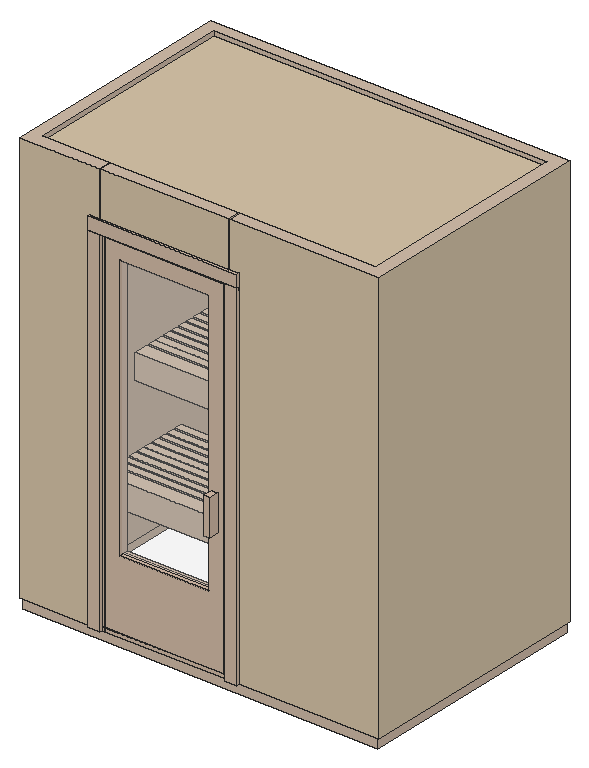
Revit family "Sauna-Room_Prefab_Finlandia_FPF-46", category Specialty Equipment, Revit 2026
Family settings
  Round Connector Dimension = Use Diameter
  Part Type = Normal
  Classification Number = 23.40.50.34.37
  Work Plane-Based = Yes
  Enable Cutting in Views = No
  Always vertical = No
  Cut with Voids When Loaded = No
  Maintain Annotation Orientation = No
  Shared = No
  Room Calculation Point = No
Parameters (values of type "Indoor Reversed as Specified")
  Warranty Duration (Years) = 0
  Wall Thickness = 0' - 2 1/2"
  Unit Width = 6' - 0"
  Unit Height = 7' - 1"
  Unit Depth = 4' - 0"
  URL = "http://www.finlandiasauna.com/index.html"
  Structural Frame Material [instance] = Wood - Red Cedar - Finlandia - Finish as Specified
  Standard = not(Reversed)  # no
  Specification = "http://www.arcat.com/sdspecs/htm/13052fin.htm"
  SpecWizard = ""
  Send Message = "http://www.arcat.com/users.pl?action=UserEmail&amp;company=Finlandia+Sauna+Products,+Inc.&amp;coid=32492&amp;rep=133&amp;fax=503-684-1120&amp;mf=95"
  Sales Information = "http://www.finlandiasauna.com/sauna-contactus.html"
  Revision = "R1_2014-07"
  Reversed = yes
  Product Properties = ""
  Product Data = "http://www.arcat.com/arcatcos/cos9532/arc32492.html"
  Model = "FPF 46"
  Manufacturer Website = "http://www.finlandiasauna.com/index.html"
  Manufacturer Phone - Toll Free = "800-354-3342"
  Manufacturer Phone = "503-684-8289"
  Manufacturer Fax = "503-684-1120"
  Manufacturer Address = "14010-B S.W. 72nd Ave.  Portland, OR 97224-0088"
  Manufacturer = "Finlandia Sauna Products, Inc."
  Maintenance Schedule (Months) = 0
  Keynote = "13052"
  Interior Finish [instance] = Wood - TnG - Finlandia - Red Cedar as Specified
  Installation-Fabrication = ""
  Installation Phase = ""
  Heater Type [instance] = SaunaHeater : FIN 3 kW
  Green Building-LEED = "http://www.arcat.com/green/clients95/leed_data_32492.html"
  Exterior Finish [instance] = Wood - Mahogany - Finlandia - Finish as Specified
  Exposed Base [instance] = 0' - 2"
  Expected Lifespan (Years) = 0
  Drawn By = "Sumex Design, Inc. / Robert S. Weygant, CSI, CDT, SCIP"
  DoorOffset = if(Reversed, Unit Width - 1' 4" - Door RO Width, 1' 4")  # 2' - 6"
  Door Slab Finish [instance] = Wood - Douglas Fir - Finlandia - Finish as Specified
  Door RO Width = 2' - 2"
  Door RO Height [instance] = 6' - 0"
  Door Glazing Tint [instance] = Glazing - Finlandia - Clear
  Door Frame Finish [instance] = Wood - Douglas Fir - Finlandia - Finish as Specified
  Description = "Finlandia Prefab Modular Sauna Room - FPF 46 as Specified"
  Default Elevation = 0' - 0"
  Copyright = "©Arcat Inc."
  Construction Details = "http://www.arcat.com/details/finsauna/95finsauna.html?coid=32492"
  Capacity = "2 to 3 People"
  Bench Slat Material [instance] = Wood - Red Cedar - Finlandia - Finish as Specified
  Assembly Code = "F1010300"
Types (2): name | Standard | Reversed | DoorOffset
  Indoor Reversed as Specified | no | yes | 2' - 6"
  Indoor Standard as Specified | yes | no | 1' - 4"
Reference planes (in)
  plane 1 "Center (Front/Back)": y = 0
  plane 2 "Bottom": z = 0
  plane 3 "Center (Left/Right)": x = 0
  plane 4 "Front": y = -24
  plane 5 "Back": y = 24
  plane 6 "Left": x = -36
  plane 7 "Right": x = 36
  plane 8 "Top": z = 85
  plane 9: x = -33.5
  plane 10: x = 33.5
  plane 11: y = 21.5
  plane 12: y = -21.5
  plane 13: z = 2
  plane 14: x = -20
  plane 15: x = 6
  plane 16: z = 74
Forms (in)
  Extrusion 1, solid, material "Wood - Red Cedar - Finlandia - Finish as Specified" <- "Structural Frame Material"
    sketch origin (0, 0, 0) x (1, 0, 0) y (0, 1, 0)
      loop
        line (-35.65625, 23.65625) -> (-35.65625, -23.65625) -> (35.65625, -23.65625) -> (35.65625, 23.65625) -> (-35.65625, 23.65625)
      loop
        line (-34.15625, 22.15625) -> (-34.15625, -22.15625) -> (34.15625, -22.15625) -> (34.15625, 22.15625) -> (-34.15625, 22.15625)
    from 0 to 2
  Extrusion 2, solid, material "Wood - Red Cedar - Finlandia - Finish as Specified" <- "Structural Frame Material"
    sketch origin (0, 0, 0) x (1, 0, 0) y (0, 1, 0)
      loop
        line (-33.5, -21.5) -> (-33.5, 21.5) -> (33.5, 21.5) -> (33.5, -21.5) -> (6, -21.5) -> (6, -24) -> (36, -24) -> (36, 24) -> (-36, 24) -> (-36, -24) -> (-20, -24) -> (-20, -21.5) -> (-33.5, -21.5)
    from 2 to 85
  Sweep 3, solid, material "Wood - Red Cedar - Finlandia - Finish as Specified" <- "Bench Slat Material"
    path origin (-77.70319, 6.79815, 0) x (-1, 0, 0) y (0, 1, 0)
      loop
        line (-111.20319, 14.70185) -> (-44.20319, 14.70185)
    profile "Bench : Bench" origin (0, 21.5, 0) x (0, -1, 0) y (0, 0, 1)
      loop
        line (0, 31.5) -> (18.5, 31.5) -> (18.5, 31) -> (20, 31) -> (20, 36) -> (17, 36) -> (17, 34.5) -> (16.625, 34.5) -> (16.625, 36) -> (15.125, 36) -> (15.125, 34.5) -> (14.75, 34.5) -> (14.75, 36) -> (13.25, 36) -> (13.25, 34.5) -> (12.875, 34.5) -> (12.875, 36) -> (11.375, 36) -> (11.375, 34.5) -> (11, 34.5) -> (11, 36) -> (9.5, 36) -> (9.5, 34.5) -> (9.125, 34.5) -> (9.125, 36) -> (7.625, 36) -> (7.625, 34.5) -> (7.25, 34.5) -> (7.25, 36) -> (5.75, 36) -> (5.75, 34.5) -> (5.375, 34.5) -> (5.375, 36) -> (3.875, 36) -> (3.875, 34.5) -> (3.5, 34.5) -> (3.5, 36) -> (2, 36) -> (2, 34.5) -> (1.625, 34.5) -> (1.625, 36) -> (0, 36) -> (0, 31.5)
  Sweep 4, solid, material "Wood - Red Cedar - Finlandia - Finish as Specified" <- "Bench Slat Material"
    path origin (-77.70319, -13.20185, 0) x (-1, 0, 0) y (0, 1, 0)
      loop
        line (-111.20319, 24.70185) -> (-44.20319, 24.70185)
    profile "Bench : Bench" origin (0, 11.5, 0) x (0, -1, 0) y (0, 0, 1)
      loop
        line (-1.5, 13.5) -> (17, 13.5) -> (17, 13) -> (18.5, 13) -> (18.5, 18) -> (15.5, 18) -> (15.5, 16.5) -> (15.125, 16.5) -> (15.125, 18) -> (13.625, 18) -> (13.625, 16.5) -> (13.25, 16.5) -> (13.25, 18) -> (11.75, 18) -> (11.75, 16.5) -> (11.375, 16.5) -> (11.375, 18) -> (9.875, 18) -> (9.875, 16.5) -> (9.5, 16.5) -> (9.5, 18) -> (8, 18) -> (8, 16.5) -> (7.625, 16.5) -> (7.625, 18) -> (6.125, 18) -> (6.125, 16.5) -> (5.75, 16.5) -> (5.75, 18) -> (4.25, 18) -> (4.25, 16.5) -> (3.875, 16.5) -> (3.875, 18) -> (2.375, 18) -> (2.375, 16.5) -> (2, 16.5) -> (2, 18) -> (0.5, 18) -> (0.5, 16.5) -> (0.125, 16.5) -> (0.125, 18) -> (-1.5, 18) -> (-1.5, 13.5)
  Extrusion 5, solid, material "Wood - Red Cedar - Finlandia - Finish as Specified" <- "Structural Frame Material"
    sketch origin (-43.59721, -180, 85) x (-1, 0, 0) y (0, -1, 0)
      loop
        line (-23.59721, -158.5) -> (-23.59721, -156) -> (-49.59721, -156) -> (-49.59721, -158.5) -> (-23.59721, -158.5)
    from 0 to -11
  Extrusion 6, solid, material "Wood - Mahogany - Finlandia - Finish as Specified" <- "Exterior Finish"
    sketch origin (-43.59721, -180, 85) x (-1, 0, 0) y (0, -1, 0)
      loop
        line (-10.09721, -201.5) -> (-10.09721, -158.5) -> (-77.09721, -158.5) -> (-77.09721, -201.5) -> (-10.09721, -201.5)
    from -3.875 to -0.75
  Extrusion 7, solid, material "Wood - Red Cedar - Finlandia - Finish as Specified" <- "Bench Slat Material", visible <- "Standard"
    sketch origin (0, 0, 0) x (1, 0, 0) y (0, 1, 0)
      loop
        line (-10, -21.5) -> (-8.5, -21.5) -> (-8.5, -7.5) -> (-33.5, -7.5) -> (-33.5, -9) -> (-10, -9) -> (-10, -21.5)
    from 0 to 31.5
  Extrusion 8, solid, material "Wood - Red Cedar - Finlandia - Finish as Specified" <- "Bench Slat Material", visible <- "Reversed"
    sketch origin (0, 0, 0) x (-1, 0, 0) y (0, -1, 0)
      loop
        line (-10, 21.5) -> (-10, 9) -> (-33.5, 9) -> (-33.5, 7.5) -> (-8.5, 7.5) -> (-8.5, 21.5) -> (-10, 21.5)
    from 0 to 31.5
Dimensions and locks (in)
  equal spacing: plane 6 "Left", plane 3 "Center (Left/Right)", plane 7 "Right"
  "Unit Width": plane 6 "Left" to plane 7 "Right"
  equal spacing: plane 5 "Back", plane 1 "Center (Front/Back)", plane 4 "Front"
  "Unit Depth": plane 5 "Back" to plane 4 "Front"
  "Unit Height": plane 8 "Top" to level
  "Wall Thickness": plane 5 "Back" to plane 11
  "Wall Thickness": plane 12 to plane 4 "Front"
  "Wall Thickness": plane 6 "Left" to plane 9
  "Wall Thickness": plane 10 to plane 7 "Right"
  "Exposed Base": plane 13 to level
  plane 6 "Left" to Extrusion 1 sketch curve to Extrusion 1 sketch curve = 0' - 0 11/32" locked, 0' - 1 1/2" locked
  Extrusion 1 sketch curve to Extrusion 1 sketch curve to plane 7 "Right" = 0' - 1 1/2" locked, 0' - 0 11/32" locked
  plane 5 "Back" to Extrusion 1 sketch curve to Extrusion 1 sketch curve = 0' - 0 11/32" locked, 0' - 1 1/2" locked
  Extrusion 1 sketch curve to Extrusion 1 sketch curve to plane 4 "Front" = 0' - 1 1/2" locked, 0' - 0 11/32" locked
  "Door RO Width": plane 14 to plane 15
  "DoorOffset": plane 15 to plane 7 "Right"
  locked: plane 11 to Sweep 4 sketch curve at 10
  plane 9 to Sweep 4 sketch curve = 0' - 0"
  Sweep 4 sketch curve to plane 10 = 0' - 0"
  Sweep 3 sketch curve to plane 10 = 0' - 0"
  plane 9 to Sweep 3 sketch curve = 0' - 0"
  "Door RO Height": plane 16 to plane 13
  locked: nested 2 to plane 12 at 1
  locked: plane 9 to nested 2 at 1
  locked: nested 3 to plane 10 at 1
  locked: nested 3 to plane 12 at 1
  plane 9 to Extrusion 7 sketch curve to Extrusion 7 sketch curve = 1' - 11 1/2" locked, 0' - 1 1/2" locked
  Extrusion 8 sketch curve to Extrusion 8 sketch curve to plane 10 = 0' - 1 1/2" locked, 1' - 11 1/2" locked
  aligned: Extrusion 1 to plane 13
  aligned and locked: Extrusion 2 sketch curve to plane 9
  aligned and locked: Extrusion 2 sketch curve to plane 11
  aligned and locked: Extrusion 2 sketch curve to plane 10
  aligned and locked: Extrusion 2 sketch curve to plane 12
  aligned and locked: Extrusion 2 to plane 13
  aligned and locked: Extrusion 1 to plane 13
  aligned and locked: Extrusion 2 sketch curve to plane 4 "Front"
  aligned and locked: Extrusion 2 sketch curve to plane 7 "Right"
  aligned and locked: Extrusion 2 sketch curve to plane 5 "Back"
  aligned and locked: Extrusion 2 sketch curve to plane 6 "Left"
  aligned and locked: plane 8 "Top" to Extrusion 2
  aligned and locked: Sweep 3 sketch curve to plane 11
  aligned and locked: plane 15 to nested 1
  aligned and locked: nested 1 to plane 12
  aligned and locked: plane 14 to Extrusion 2 sketch curve
  aligned and locked: plane 15 to Extrusion 2 sketch curve
  aligned and locked: Extrusion 5 sketch curve to plane 15
  aligned and locked: plane 14 to Extrusion 5 sketch curve
  aligned and locked: Extrusion 5 sketch curve to plane 12
  aligned and locked: plane 4 "Front" to Extrusion 5 sketch curve
  aligned and locked: Extrusion 5 to plane 16
  aligned and locked: Extrusion 6 sketch curve to plane 10
  aligned and locked: Extrusion 6 sketch curve to plane 11
  aligned and locked: Extrusion 6 sketch curve to plane 9
  aligned and locked: Extrusion 6 sketch curve to plane 12
  aligned and locked: Extrusion 8 sketch curve to plane 10
  aligned and locked: Extrusion 7 sketch curve to plane 9
Automatic sketch dimensions
  Extrusion 2 sketch curve to plane 4 "Front" = 0' - 0"
  plane 12 to Extrusion 2 sketch curve = 0' - 0"
  Extrusion 8 sketch curve to plane 12 = 0' - 0"
  Extrusion 8 sketch curve to plane 1 "Center (Front/Back)" = 0' - 9"
  Extrusion 8 sketch curve to Extrusion 8 sketch curve = 0' - 1 1/2"
  Extrusion 7 sketch curve to plane 12 = 0' - 0"
  plane 1 "Center (Front/Back)" to Extrusion 7 sketch curve = 0' - 9"
  Extrusion 7 sketch curve to Extrusion 7 sketch curve = 0' - 1 1/2"
Nested families (in)
  nested 1: "Door" at (-7, -22.75, 2), Swing Right <- "Standard", Swing Left <- "Reversed", frame finish <- "Door Frame Finish", glazing <- "Door Glazing Tint", door finish <- "Door Slab Finish", Wall Thickness <- "Wall Thickness", Rough Width <- "Door RO Width", Rough Height <- "Door RO Height", type "Standard"
    with glazing Glazing - Finlandia - Clear, frame finish Wood - Douglas Fir - Finlandia - Finish as Specified, door finish Wood - Douglas Fir - Finlandia - Finish as Specified, built-in parameter 1001301 2' - 0", Wall Thickness 0' - 2 1/2", Swing Right no, Swing Left yes, built-in parameter 1001305 2' - 2", built-in parameter 1001304 6' - 0"
  nested 2: "SaunaHeater" at (-24.5, -15, 0), type <- "Heater Type", visible <- "Standard", type "FIN 3 kW"
    with Width 1' - 4", Height 2' - 0", Depth 0' - 11"
  nested 3: "SaunaHeater" at (24.5, -15, 0) x (-1, 0, 0) z (0, 0, 1), type <- "Heater Type", visible <- "Reversed", type "FIN 3 kW"
    with Width 1' - 4", Height 2' - 0", Depth 0' - 11"
Connectors (in)
  electrical at (0, 0, 84.25)
    settings: on Extrusion 6, index 1, voltage 0 V, apparent load 0 VA, apparent load phase1 0 VA, apparent load phase2 0 VA, apparent load phase3 0 VA, power factor 1, load classification "Other", number of poles 1, system type 31, power factor state 1, is connector primary yes, connector utility no, sub classification motor no, connector description ""
Definition of nested family "Door"
  Parameters
    glazing [instance] = none
    frame finish [instance] = none
    door finish [instance] = none
    Width [instance] = Rough Width - 0' 2"  # 2' - 0"
    Wall Thickness [instance] = 1' - 2"
    Swing Right [instance] = yes
    Swing Left [instance] = yes
    Rough Width [instance] = 2' - 2"
    Rough Height [instance] = 4' - 11.36872"
    Default Elevation = 4' - 0"
    Assembly Code = ""
  Reference planes (in)
    plane 1 "Center (Front/Back)": y = 0
    plane 2: z = 0
    plane 3 "Center (Left/Right)": x = 0
    plane 4: x = -13
    plane 5: x = 13
    plane 6: y = 7
    plane 7: y = -7
    plane 8: z = 59.36872
    plane 9: x = -15
    plane 10: x = 15
    plane 11: y = -31
  Forms (in)
    Extrusion 1, solid, material <- "frame finish"
      sketch origin (-22.33749, -180, 59.36872) x (-1, 0, 0) y (0, -1, 0)
        loop
          line (-9.33749, -187) -> (-9.33749, -173) -> (-7.33749, -173) -> (-7.33749, -172.5) -> (-9.83749, -172.5) -> (-9.83749, -173) -> (-10.33749, -173) -> (-10.33749, -187.5) -> (-7.33749, -187.5) -> (-7.33749, -187) -> (-9.33749, -187)
        loop
          line (-35.33749, -187) -> (-37.33749, -187) -> (-37.33749, -187.5) -> (-34.33749, -187.5) -> (-34.33749, -173) -> (-34.83749, -173) -> (-34.83749, -172.5) -> (-37.33749, -172.5) -> (-37.33749, -173) -> (-35.33749, -173) -> (-35.33749, -187)
      from -59.36872 to -0.5
    Extrusion 2, solid, material <- "frame finish"
      sketch origin (0, 0, 0) x (0, 1, 0) y (0, 0, 1)
        loop
          line (7, 58.36872) -> (7, 58.86872) -> (7.5, 58.86872) -> (7.5, 61.36872) -> (7, 61.36872) -> (7, 59.36872) -> (-7, 59.36872) -> (-7, 61.36872) -> (-7.5, 61.36872) -> (-7.5, 58.86872) -> (-7, 58.86872) -> (-7, 58.36872) -> (7, 58.36872)
      from -15 to 15
    Extrusion 3, solid, material <- "frame finish"
      sketch origin (0, 0, 0) x (1, 0, 0) y (0, 1, 0)
        loop
          line (-12, -5.25) -> (-11.25, -5.25) -> (-11.25, -4.375) -> (-12, -4.375) -> (-12, -5.25)
        loop
          line (12, -5.25) -> (12, -4.375) -> (11.25, -4.375) -> (11.25, -5.25) -> (12, -5.25)
      from 0 to 59.36872
    Extrusion 4, solid, material <- "frame finish"
      sketch origin (0, 0, 0) x (0, 1, 0) y (0, 0, 1)
        loop
          line (-5.25, 58.36872) -> (-5.25, 57.86872) -> (-4.375, 57.86872) -> (-4.375, 58.36872) -> (-5.25, 58.36872)
      from -13 to 13
    Extrusion 5, solid, material <- "door finish"
      sketch origin (-22.31101, -7, 48) x (-1, 0, 0) y (0, 0, 1)
        loop
          line (-34.31101, -47.25) -> (-10.31101, -47.25) -> (-10.31101, 10.36872) -> (-34.31101, 10.36872) -> (-34.31101, -47.25)
        loop
          line (-13.31101, 7.36872) -> (-31.31101, 7.36872) -> (-31.31101, -33.25) -> (-13.31101, -33.25) -> (-13.31101, 7.36872)
      from 0 to 1.75
    Extrusion 6, solid, material <- "frame finish"
      sketch origin (0, 0, 0) x (0, 1, 0) y (0, 0, 1)
        loop
          line (-7, 0.75) -> (-7, 0) -> (7, 0) -> (7, 0.75) -> (-7, 0.75)
      from -13 to 13
    Extrusion 7, solid, material <- "glazing"
      sketch origin (-22.31101, -7, 48) x (-1, 0, 0) y (0, 0, 1)
        loop
          line (-13.31101, 7.36872) -> (-31.31101, 7.36872) -> (-31.31101, -33.25) -> (-13.31101, -33.25) -> (-13.31101, 7.36872)
      from 1.125 to 0.625
    Extrusion 8, solid, material <- "door finish", visible <- "Swing Right"
      sketch origin (-22.31101, -7, 48) x (-1, 0, 0) y (0, 0, 1)
        loop
          line (-11.5611, -15.059) -> (-12.8111, -15.059) -> (-12.8111, -22.309) -> (-11.5611, -22.309) -> (-11.5611, -15.059)
      from 0 to -2
    Extrusion 9, solid, material <- "door finish", visible <- "Swing Left"
      sketch origin (-22.31101, -7, 48) x (-1, 0, 0) y (0, 0, 1)
        loop
          line (-33.06091, -15.059) -> (-33.06091, -22.309) -> (-31.81091, -22.309) -> (-31.81091, -15.059) -> (-33.06091, -15.059)
      from 0 to -2
  Lines and regions (in)
    symbolic lines, visible <- "Swing Right"
      curve 1: line (12, -7, 0) -> (12, -31, 0)
      curve 2: arc (12, -31, 0) -> (-4.97056, -23.97056, 0) -> (-12, -7, 0) r 24
    symbolic lines, visible <- "Swing Left"
      curve 3: arc (-12, -31, 0) -> (4.97056, -23.97056, 0) -> (12, -7, 0) r 24
      curve 4: line (-12, -31, 0) -> (-12, -7, 0)
  Dimensions and locks (in)
    equal spacing: plane 6, plane 1 "Center (Front/Back)", plane 7
    "Wall Thickness": plane 6 to plane 7
    equal spacing: plane 4, plane 3 "Center (Left/Right)", plane 5
    "Rough Width": plane 4 to plane 5
    "Rough Height": plane 8 to level
    Extrusion 1 sketch curve to plane 4 to Extrusion 1 sketch curve = 0' - 2" locked, 0' - 1" locked
    locked: Extrusion 1 sketch curve to plane 6 at 0.5  (x2)
    locked: plane 7 to Extrusion 1 sketch curve at 0.5  (x2)
    Extrusion 1 sketch curve to plane 4 to Extrusion 1 sketch curve = 0' - 2" locked, 0' - 0 1/2" locked
    Extrusion 1 sketch curve to plane 5 to Extrusion 1 sketch curve = 0' - 1" locked, 0' - 2" locked
    Extrusion 1 sketch curve to plane 5 to Extrusion 1 sketch curve = 0' - 0 1/2" locked, 0' - 2" locked
    Extrusion 2 sketch curve to plane 8 to Extrusion 2 sketch curve = 0' - 2" locked, 0' - 0 1/2" locked
    locked: Extrusion 2 sketch curve to plane 7 at 0.5
    locked: plane 6 to Extrusion 2 sketch curve at 0.5
    Extrusion 2 sketch curve to plane 8 to Extrusion 2 sketch curve to Extrusion 2 sketch curve = 0' - 2" locked, 0' - 0 1/2" locked, 0' - 0 1/2" locked
    Extrusion 3 sketch curve to Extrusion 3 sketch curve to plane 7 = 0' - 0 7/8" locked, 0' - 1 3/4" locked
    locked: Extrusion 3 sketch curve to Extrusion 3 sketch curve at 0.875
    locked: Extrusion 3 sketch curve to plane 7 at 1.75
    Extrusion 3 sketch curve to Extrusion 3 sketch curve to plane 5 = 0' - 0 3/4" locked, 0' - 1" locked
    plane 4 to Extrusion 3 sketch curve to Extrusion 3 sketch curve = 0' - 1" locked, 0' - 0 3/4" locked
    plane 7 to Extrusion 4 sketch curve to Extrusion 4 sketch curve = 0' - 1 3/4" locked, 0' - 0 7/8" locked
    plane 8 to Extrusion 4 sketch curve to Extrusion 4 sketch curve = 0' - 1" locked, 0' - 0 1/2" locked
    locked: plane 4 to plane 9 at 2
    locked: plane 10 to plane 5 at 2
    locked: Extrusion 5 sketch curve to plane 4 at 1
    locked: plane 5 to Extrusion 5 sketch curve at 1
    locked: plane 8 to Extrusion 5 sketch curve at 1
    locked: Extrusion 5 sketch curve to level at 0.75
    locked: Extrusion 6 sketch curve to level at 0.75
    locked: Extrusion 5 sketch curve to Extrusion 5 sketch curve at 3  (x3)
    locked: Extrusion 5 sketch curve to level at 14.75
    locked: Extrusion 7 sketch curve to level at 14.75
    locked: plane 8 to Extrusion 7 sketch curve at 4
    locked: Extrusion 7 sketch curve to plane 4 at 4
    locked: plane 5 to Extrusion 7 sketch curve at 4
    "Width": plane 7 to plane 11
    Extrusion 8 sketch curve to Extrusion 8 sketch curve to level = 0' - 7 1/4" locked, 2' - 1.691" locked
    locked: Extrusion 9 sketch curve to Extrusion 9 sketch curve at 7.25
    plane 5 to Extrusion 9 sketch curve to Extrusion 9 sketch curve = 0' - 2.25009" locked, 0' - 1 1/4" locked
    locked: Extrusion 9 sketch curve to level at 25.691
    Extrusion 8 sketch curve to Extrusion 8 sketch curve to plane 4 = 0' - 1 1/4" locked, 0' - 2.25009" locked
    aligned and locked: plane 2 to level
    aligned and locked: Extrusion 1 sketch curve to plane 4
    aligned and locked: plane 6 to Extrusion 1 sketch curve
    aligned and locked: Extrusion 1 sketch curve to plane 7  (x2)
    aligned and locked: plane 7 to Extrusion 1 sketch curve  (x2)
    aligned and locked: Extrusion 1 sketch curve to plane 5
    aligned and locked: Extrusion 1 sketch curve to plane 6
    aligned: plane 8 to Extrusion 1
    aligned and locked: plane 8 to Extrusion 2 sketch curve
    aligned and locked: plane 7 to Extrusion 2 sketch curve
    aligned and locked: Extrusion 2 sketch curve to plane 6
    aligned and locked: Extrusion 2 sketch curve to plane 7
    aligned and locked: plane 6 to Extrusion 2 sketch curve
    aligned and locked: plane 8 to Extrusion 3
    aligned and locked: plane 5 to Extrusion 4
    aligned and locked: Extrusion 4 to plane 4
    aligned and locked: plane 9 to Extrusion 2
    aligned and locked: Extrusion 2 to plane 10
    aligned and locked: Extrusion 6 sketch curve to plane 7
    aligned and locked: plane 6 to Extrusion 6 sketch curve
    aligned and locked: Extrusion 6 sketch curve to level
    aligned and locked: plane 5 to Extrusion 6
    aligned and locked: Extrusion 6 to plane 4
    aligned and locked: Extrusion 1 to level
  Automatic sketch dimensions
    curve 3 to plane 7 = 0' - 0"
    curve 4 to plane 11 = 0' - 0"
    curve 4 to plane 7 = 0' - 0"
    plane 4 to curve 3 = 0' - 1"
Definition of nested family "SaunaHeater"
  Parameters
    Width = 1' - 8 1/8"
    Height = 2' - 8"
    Depth = 1' - 8 1/8"
    Default Elevation = 0' - 0"
  Reference planes (in)
    plane 1 "Center (Front/Back)": y = 0
    plane 2: z = 0
    plane 3 "Center (Left/Right)": x = 0
    plane 4: x = -10.0625
    plane 5: x = 10.0625
    plane 6: y = 10.0625
    plane 7: y = -10.0625
    plane 8: z = 32
  Forms (in)
    Extrusion 1, solid
      sketch origin (0, 0, 0) x (1, 0, 0) y (0, 1, 0)
        loop
          line (-10.0625, 10.0625) -> (-10.0625, -10.0625) -> (10.0625, -10.0625) -> (10.0625, 10.0625) -> (-10.0625, 10.0625)
      from 0 to 32
  Dimensions and locks (in)
    equal spacing: plane 4, plane 3 "Center (Left/Right)", plane 5
    equal spacing: plane 6, plane 1 "Center (Front/Back)", plane 7
    "Depth": plane 6 to plane 7
    "Width": plane 4 to plane 5
    "Height": plane 8 to level
    aligned and locked: level to plane 2
    aligned and locked: Extrusion 1 sketch curve to plane 6
    aligned and locked: plane 4 to Extrusion 1 sketch curve
    aligned and locked: plane 7 to Extrusion 1 sketch curve
    aligned and locked: Extrusion 1 sketch curve to plane 5
    aligned and locked: plane 8 to Extrusion 1
